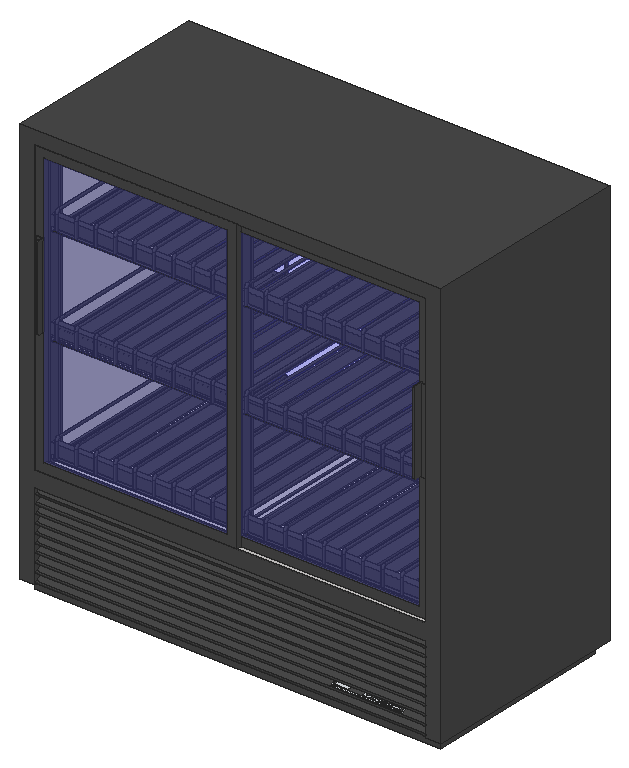
Revit family "QF_TRUE_GDM-41CPT-48-HC-LD", category Specialty Equipment, Revit 2016 (continued)
Definition of nested family "GDM-41CPT-48-HC-LD"
  Automatic sketch dimensions
    Extrusion 67 sketch curve to plane 6 "TOP" = 21.50088"
    Sweep 68 sketch curve to plane 5 "FRONT" = 1.21183"
    Sweep 68 sketch curve to plane 6 "TOP" = 19.75067"
    Sweep 69 sketch curve to plane 5 "FRONT" = 1.21183"
    Sweep 69 sketch curve to plane 6 "TOP" = 19.75067"
    Sweep 70 sketch curve to plane 5 "FRONT" = 1.21183"
    Sweep 70 sketch curve to plane 6 "TOP" = 19.75067"
    Sweep 71 sketch curve to plane 5 "FRONT" = 1.21183"
    Sweep 71 sketch curve to plane 6 "TOP" = 19.75067"
    Sweep 72 sketch curve to plane 5 "FRONT" = 1.21183"
    Sweep 72 sketch curve to plane 6 "TOP" = 19.75067"
    Sweep 73 sketch curve to plane 5 "FRONT" = 1.21183"
    Sweep 73 sketch curve to plane 6 "TOP" = 19.75067"
    Sweep 74 sketch curve to plane 5 "FRONT" = 1.21183"
    Sweep 74 sketch curve to plane 6 "TOP" = 19.75067"
    Sweep 75 sketch curve to plane 5 "FRONT" = 1.21183"
    Sweep 75 sketch curve to plane 6 "TOP" = 19.75067"
    Sweep 76 sketch curve to plane 5 "FRONT" = 1.21183"
    Sweep 76 sketch curve to plane 6 "TOP" = 19.75067"
    Sweep 77 sketch curve to plane 5 "FRONT" = 1.21183"
    Sweep 77 sketch curve to plane 6 "TOP" = 19.75067"
    Extrusion 78 sketch curve to plane 5 "FRONT" = 1.4225"
    Extrusion 78 sketch curve to plane 6 "TOP" = 20.31736"
    plane 7 "Center Y" to Sweep 52 sketch curve = 13/32"
    Sweep 52 sketch curve to plane 5 "FRONT" = 1.20926"
    Extrusion 53 sketch curve to plane 5 "FRONT" = 1.4225"
    Extrusion 53 sketch curve to plane 6 "TOP" = 21.25088"
    plane 7 "Center Y" to Extrusion 54 sketch curve = 1.16434"
    Extrusion 54 sketch curve to plane 6 "TOP" = 21.25088"
    Sweep 55 sketch curve to plane 5 "FRONT" = 1.21183"
    Sweep 55 sketch curve to plane 6 "TOP" = 19.50067"
    Sweep 56 sketch curve to plane 5 "FRONT" = 1.21183"
    Sweep 56 sketch curve to plane 6 "TOP" = 19.50067"
    Sweep 57 sketch curve to plane 5 "FRONT" = 1.21183"
    Sweep 57 sketch curve to plane 6 "TOP" = 19.50067"
    Sweep 58 sketch curve to plane 5 "FRONT" = 1.21183"
    Sweep 58 sketch curve to plane 6 "TOP" = 19.50067"
    Sweep 59 sketch curve to plane 5 "FRONT" = 1.21183"
    Sweep 59 sketch curve to plane 6 "TOP" = 19.50067"
    Sweep 60 sketch curve to plane 5 "FRONT" = 1.21183"
    Sweep 60 sketch curve to plane 6 "TOP" = 19.50067"
    Sweep 61 sketch curve to plane 5 "FRONT" = 1.21183"
    Sweep 61 sketch curve to plane 6 "TOP" = 19.50067"
    Sweep 62 sketch curve to plane 5 "FRONT" = 1.21183"
    Sweep 62 sketch curve to plane 6 "TOP" = 19.50067"
    Sweep 63 sketch curve to plane 5 "FRONT" = 1.21183"
    Sweep 63 sketch curve to plane 6 "TOP" = 19.50067"
    Sweep 64 sketch curve to plane 5 "FRONT" = 1.21183"
    Sweep 64 sketch curve to plane 6 "TOP" = 19.50067"
    Extrusion 79 sketch curve to plane 5 "FRONT" = 1.4225"
    Extrusion 79 sketch curve to plane 6 "TOP" = 20.06736"
    plane 3 "LEFT" to Sweep 37 sketch curve = 2 9/16"
    Sweep 37 sketch curve to plane 5 "FRONT" = 1.20926"
    Extrusion 38 sketch curve to plane 5 "FRONT" = 1.4225"
    plane 9 to Extrusion 38 sketch curve = 14.18662"
    plane 3 "LEFT" to Extrusion 39 sketch curve = 3.58566"
    plane 9 to Extrusion 39 sketch curve = 14.18662"
    Sweep 40 sketch curve to plane 5 "FRONT" = 1.21183"
    plane 9 to Sweep 40 sketch curve = 15.93683"
    Sweep 41 sketch curve to plane 5 "FRONT" = 1.21183"
    plane 9 to Sweep 41 sketch curve = 15.93683"
    Sweep 42 sketch curve to plane 5 "FRONT" = 1.21183"
    plane 9 to Sweep 42 sketch curve = 15.93683"
    Sweep 43 sketch curve to plane 5 "FRONT" = 1.21183"
    plane 9 to Sweep 43 sketch curve = 15.93683"
    Sweep 44 sketch curve to plane 5 "FRONT" = 1.21183"
    plane 9 to Sweep 44 sketch curve = 15.93683"
    Sweep 45 sketch curve to plane 5 "FRONT" = 1.21183"
    plane 9 to Sweep 45 sketch curve = 15.93683"
    Sweep 46 sketch curve to plane 5 "FRONT" = 1.21183"
    plane 9 to Sweep 46 sketch curve = 15.93683"
    Sweep 47 sketch curve to plane 5 "FRONT" = 1.21183"
    plane 9 to Sweep 47 sketch curve = 15.93683"
    Sweep 48 sketch curve to plane 5 "FRONT" = 1.21183"
    plane 9 to Sweep 48 sketch curve = 15.93683"
    Sweep 49 sketch curve to plane 5 "FRONT" = 1.21183"
    plane 9 to Sweep 49 sketch curve = 15.93683"
    Extrusion 50 sketch curve to plane 5 "FRONT" = 1.4225"
    plane 9 to Extrusion 50 sketch curve = 15.37014"
    plane 7 "Center Y" to Sweep 24 sketch curve = 13/32"
    Sweep 24 sketch curve to plane 5 "FRONT" = 1.20926"
    Extrusion 25 sketch curve to plane 5 "FRONT" = 1.4225"
    plane 9 to Extrusion 25 sketch curve = 14.18662"
    plane 7 "Center Y" to Extrusion 26 sketch curve = 1.16434"
    plane 9 to Extrusion 26 sketch curve = 14.18662"
    Sweep 27 sketch curve to plane 5 "FRONT" = 1.21183"
    plane 9 to Sweep 27 sketch curve = 15.93683"
    Sweep 28 sketch curve to plane 5 "FRONT" = 1.21183"
    plane 9 to Sweep 28 sketch curve = 15.93683"
    Sweep 29 sketch curve to plane 5 "FRONT" = 1.21183"
    plane 9 to Sweep 29 sketch curve = 15.93683"
    Sweep 30 sketch curve to plane 5 "FRONT" = 1.21183"
    plane 9 to Sweep 30 sketch curve = 15.93683"
    Sweep 31 sketch curve to plane 5 "FRONT" = 1.21183"
    plane 9 to Sweep 31 sketch curve = 15.93683"
    Sweep 32 sketch curve to plane 5 "FRONT" = 1.21183"
    plane 9 to Sweep 32 sketch curve = 15.93683"
    Sweep 33 sketch curve to plane 5 "FRONT" = 1.21183"
    plane 9 to Sweep 33 sketch curve = 15.93683"
    Sweep 34 sketch curve to plane 5 "FRONT" = 1.21183"
    plane 9 to Sweep 34 sketch curve = 15.93683"
    Sweep 35 sketch curve to plane 5 "FRONT" = 1.21183"
    plane 9 to Sweep 35 sketch curve = 15.93683"
    Sweep 36 sketch curve to plane 5 "FRONT" = 1.21183"
    plane 9 to Sweep 36 sketch curve = 15.93683"
    Extrusion 51 sketch curve to plane 5 "FRONT" = 1.4225"
    plane 9 to Extrusion 51 sketch curve = 15.37014"
    Extrusion 21 sketch curve to Extrusion 1 = 0"  (x2)
    Extrusion 21 sketch curve to Extrusion 1 = 0.28868"  (x2)
    Extrusion 1 to Extrusion 21 sketch curve = 0.06414"  (x2)
    Extrusion 21 sketch curve to Extrusion 1 = 0.51679"  (x2)
    Extrusion 21 sketch curve to Extrusion 21 sketch curve = 0.10825"  (x40)
    Extrusion 1 to Extrusion 21 sketch curve = 0.18914"  (x2)
    Extrusion 21 sketch curve to Extrusion 21 sketch curve = 0.71132"  (x18)
    Extrusion 21 sketch curve to Extrusion 21 sketch curve = 0.28868"  (x18)
    Extrusion 1 to Extrusion 21 sketch curve = 0.05879"  (x2)
    Extrusion 21 sketch curve to Extrusion 21 sketch curve = 0.78658"  (x2)
    Extrusion 1 to Extrusion 21 sketch curve = 0.18379"  (x2)
    Extrusion 1 to Extrusion 21 sketch curve = 0.95926"  (x12)
    Extrusion 1 to Extrusion 21 sketch curve = 0.06777"  (x2)
    Extrusion 21 sketch curve to Extrusion 21 sketch curve = 0.77831"  (x2)
    Extrusion 1 to Extrusion 21 sketch curve = 0.19277"  (x2)
    Extrusion 1 to Extrusion 21 sketch curve = 0.06676"  (x2)
    Extrusion 21 sketch curve to Extrusion 21 sketch curve = 0.78408"  (x2)
    Extrusion 1 to Extrusion 21 sketch curve = 0.19176"  (x2)
    Extrusion 1 to Extrusion 21 sketch curve = 0.06271"  (x2)
    Extrusion 21 sketch curve to Extrusion 21 sketch curve = 0.78583"  (x2)
    Extrusion 1 to Extrusion 21 sketch curve = 0.18771"  (x2)
    Extrusion 1 to Extrusion 21 sketch curve = 0.0594"  (x2)
    Extrusion 21 sketch curve to Extrusion 21 sketch curve = 0.78541"  (x2)
    Extrusion 1 to Extrusion 21 sketch curve = 0.1844"  (x2)
    Extrusion 1 to Extrusion 21 sketch curve = 0.06389"  (x2)
    Extrusion 21 sketch curve to Extrusion 21 sketch curve = 0.7809"  (x2)
    Extrusion 1 to Extrusion 21 sketch curve = 0.18889"  (x2)
    Extrusion 1 to Extrusion 21 sketch curve = 0.06125"  (x2)
    Extrusion 21 sketch curve to Extrusion 21 sketch curve = 0.78502"  (x2)
    Extrusion 1 to Extrusion 21 sketch curve = 0.18625"  (x2)
    Extrusion 1 to Extrusion 21 sketch curve = 0.06154"  (x2)
    Extrusion 21 sketch curve to Extrusion 21 sketch curve = 0.78333"  (x2)
    Extrusion 1 to Extrusion 21 sketch curve = 0.18654"  (x2)
    Extrusion 1 to Extrusion 21 sketch curve = 0.06281"  (x2)
    Extrusion 1 to Extrusion 21 sketch curve = 0.44304"  (x2)
    Extrusion 1 to Extrusion 21 sketch curve = 0.18781"  (x2)
    Extrusion 21 sketch curve to Extrusion 21 sketch curve = 0.77271"
    Extrusion 21 sketch curve to Extrusion 21 sketch curve = 0.77011"
    Extrusion 21 sketch curve to Extrusion 21 sketch curve = 0"  (x5)
    Extrusion 21 sketch curve to Extrusion 21 sketch curve = 0.77145"
    radius of Sweep 24 sketch curve = 1/8"
    radius of Sweep 27 sketch curve = 1/8"
    radius of Sweep 28 sketch curve = 1/8"
    radius of Sweep 29 sketch curve = 1/8"
    radius of Sweep 30 sketch curve = 1/8"
    radius of Sweep 31 sketch curve = 1/8"
    radius of Sweep 32 sketch curve = 1/8"
    radius of Sweep 33 sketch curve = 1/8"
    radius of Sweep 34 sketch curve = 1/8"
    radius of Sweep 35 sketch curve = 1/8"
    radius of Sweep 36 sketch curve = 1/8"
    radius of Sweep 37 sketch curve = 1/8"
    radius of Sweep 40 sketch curve = 1/8"
    radius of Sweep 41 sketch curve = 1/8"
    radius of Sweep 42 sketch curve = 1/8"
    radius of Sweep 43 sketch curve = 1/8"
    radius of Sweep 44 sketch curve = 1/8"
    radius of Sweep 45 sketch curve = 1/8"
    radius of Sweep 46 sketch curve = 1/8"
    radius of Sweep 47 sketch curve = 1/8"
    radius of Sweep 48 sketch curve = 1/8"
    radius of Sweep 49 sketch curve = 1/8"
    radius of Sweep 52 sketch curve = 1/8"
    radius of Sweep 55 sketch curve = 1/8"
    radius of Sweep 56 sketch curve = 1/8"
    radius of Sweep 57 sketch curve = 1/8"
    radius of Sweep 58 sketch curve = 1/8"
    radius of Sweep 59 sketch curve = 1/8"
    radius of Sweep 60 sketch curve = 1/8"
    radius of Sweep 61 sketch curve = 1/8"
    radius of Sweep 62 sketch curve = 1/8"
    radius of Sweep 63 sketch curve = 1/8"
    radius of Sweep 64 sketch curve = 1/8"
    radius of Sweep 65 sketch curve = 1/8"
    radius of Sweep 68 sketch curve = 1/8"
    radius of Sweep 69 sketch curve = 1/8"
    radius of Sweep 70 sketch curve = 1/8"
    radius of Sweep 71 sketch curve = 1/8"
    radius of Sweep 72 sketch curve = 1/8"
    radius of Sweep 73 sketch curve = 1/8"
    radius of Sweep 74 sketch curve = 1/8"
    radius of Sweep 75 sketch curve = 1/8"
    radius of Sweep 76 sketch curve = 1/8"
    radius of Sweep 77 sketch curve = 1/8"
    radius of Sweep 80 sketch curve = 1/8"
    radius of Sweep 83 sketch curve = 1/8"
    radius of Sweep 84 sketch curve = 1/8"
    radius of Sweep 85 sketch curve = 1/8"
    radius of Sweep 86 sketch curve = 1/8"
    radius of Sweep 87 sketch curve = 1/8"
    radius of Sweep 88 sketch curve = 1/8"
    radius of Sweep 89 sketch curve = 1/8"
    radius of Sweep 90 sketch curve = 1/8"
    radius of Sweep 91 sketch curve = 1/8"
    radius of Sweep 92 sketch curve = 1/8"
    radius of Sweep 93 sketch curve = 1/8"
    radius of Sweep 96 sketch curve = 1/8"
    radius of Sweep 97 sketch curve = 1/8"
    radius of Sweep 98 sketch curve = 1/8"
    radius of Sweep 99 sketch curve = 1/8"
    radius of Sweep 100 sketch curve = 1/8"
    radius of Sweep 101 sketch curve = 1/8"
    radius of Sweep 102 sketch curve = 1/8"
    radius of Sweep 103 sketch curve = 1/8"
    radius of Sweep 104 sketch curve = 1/8"
    radius of Sweep 105 sketch curve = 1/8"
    radius of Extrusion 108 sketch curve = 1/2"
  Nested families (in)
    nested 1: "QF_LOGO_TRUE" at (35.375, -23.93107, 2.98266), Show Logo <- "Show Logo", type "QF_LOGO_TRUE", detail levels medium+fine
      with Show Logo yes
  Connectors (in)
    electrical at (24, -12.03125, 0.39616), driven by "Volts", driven by "Watts"
      settings: on Extrusion 108, index 1, voltage 115 V, apparent load 230 VA, apparent load phase1 0 VA, apparent load phase2 0 VA, apparent load phase3 0 VA, power factor 1, load classification none, number of poles 1, system type 30, power factor state 1, is connector primary yes, connector utility no, sub classification motor no, connector description "ELECTRICAL CONNECTION"
  Definition of nested family "QF_LOGO_TRUE"
    Parameters (values of type "QF_LOGO_TRUE")
      Show Logo [instance] = yes
    Reference planes (in)
      plane 1 "Center (Front/Back)": y = 0
      plane 2: z = 0
      plane 3 "Center (Left/Right)": x = 0
    Forms (in)
      Extrusion 1, solid, visible <- "Show Logo"
        sketch origin (-78.34647, -4.42964, -46.04482) x (1, 0, 0) y (0, 0.81135, 0.584561)
          loop
            line (81.15226, 31.65456) -> (81.07353, 31.48573) -> (82.12083, 31.48573)
            arc (82.12083, 31.48573) -> (82.14208, 31.44814) -> (82.12083, 31.41055) r 0.04386
            line (82.12083, 31.41055) -> (81.84767, 30.82478)
            arc (81.84767, 30.82478) -> (81.84531, 30.77052) -> (81.882, 30.73048) r 0.07096
            line (81.882, 30.73048) -> (82.55165, 30.73048)
            arc (82.55165, 30.73048) -> (82.63621, 30.75714) -> (82.69019, 30.82748) r 0.14742
            line (82.69019, 30.82748) -> (82.90515, 31.28847) -> (83.10265, 31.28847)
            arc (83.10265, 31.28847) -> (83.15447, 31.26942) -> (83.14697, 31.21472) r 0.04405
            line (83.14697, 31.21472) -> (82.9671, 30.82899)
            arc (82.9671, 30.82899) -> (82.9699, 30.76493) -> (83.02398, 30.73048) r 0.06943
            line (83.02398, 30.73048) -> (83.6124, 30.73048)
            arc (83.6124, 30.73048) -> (83.65748, 30.74689) -> (83.68147, 30.78844) r 0.07014
            arc (83.68147, 30.78844) -> (83.69845, 30.74745) -> (83.73943, 30.73048) r 0.05796
            line (83.73943, 30.73048) -> (84.112, 30.73048)
            arc (84.112, 30.73048) -> (84.15504, 30.74201) -> (84.18655, 30.77352) r 0.08608
            arc (84.18655, 30.77352) -> (84.20164, 30.7371) -> (84.23806, 30.72202) r 0.0515
            line (84.23806, 30.72202) -> (84.76757, 30.72202)
            arc (84.76757, 30.72202) -> (84.81086, 30.73995) -> (84.8288, 30.78324) r 0.06122
            arc (84.8288, 30.78324) -> (84.86848, 30.74355) -> (84.92269, 30.72903) r 0.10842
            line (84.92269, 30.72903) -> (85.91461, 30.72903) -> (86.02479, 30.91987) -> (85.0243, 30.91987)
            arc (85.0243, 30.91987) -> (84.99669, 30.93902) -> (84.99566, 30.97261) r 0.03732
            line (84.99566, 30.97261) -> (85.01297, 31.00972)
            arc (85.01297, 31.00972) -> (85.03954, 31.04453) -> (85.0813, 31.05774) r 0.07263
            line (85.0813, 31.05774) -> (85.40289, 31.05774)
            arc (85.40289, 31.05774) -> (85.4723, 31.07633) -> (85.52311, 31.12715) r 0.13882
            line (85.52311, 31.12715) -> (85.61625, 31.28847)
            arc (85.61625, 31.28847) -> (85.61625, 31.37458) -> (85.54168, 31.41763) r 0.08611
            line (85.54168, 31.41763) -> (85.20227, 31.41763)
            arc (85.20227, 31.41763) -> (85.11574, 31.40294) -> (85.05538, 31.33923) r 0.13863
            line (85.05538, 31.33923) -> (84.89409, 30.99333)
            arc (84.89409, 30.99333) -> (84.84649, 30.9313) -> (84.77191, 30.90778) r 0.13002
            line (84.77191, 30.90778) -> (84.41984, 30.90778)
            arc (84.41984, 30.90778) -> (84.3777, 30.95378) -> (84.38042, 31.0161) r 0.08151
            line (84.38042, 31.0161) -> (84.56766, 31.41763) -> (84.44849, 31.41763) -> (84.25012, 30.99222)
            arc (84.25012, 30.99222) -> (84.21158, 30.94199) -> (84.15119, 30.92296) r 0.10527
            line (84.15119, 30.92296) -> (83.90842, 30.92296)
            arc (83.90842, 30.92296) -> (83.8674, 30.97642) -> (83.87619, 31.04323) r 0.08805
            line (83.87619, 31.04323) -> (84.05078, 31.41763) -> (83.92772, 31.41763) -> (83.72676, 30.98668)
            arc (83.72676, 30.98668) -> (83.68011, 30.94003) -> (83.61639, 30.92296) r 0.12745
            line (83.61639, 30.92296) -> (83.26484, 30.92296)
            arc (83.26484, 30.92296) -> (83.2017, 30.9524) -> (83.19563, 31.0218) r 0.06967
            line (83.19563, 31.0218) -> (83.31118, 31.26961) -> (83.47452, 31.26961)
            arc (83.47452, 31.26961) -> (83.50209, 31.35268) -> (83.56075, 31.41763) r 0.21289
            line (83.56075, 31.41763) -> (82.92244, 31.41763)
            arc (82.92244, 31.41763) -> (82.85151, 31.40191) -> (82.80242, 31.34834) r 0.12081
            line (82.80242, 31.34834) -> (82.6294, 30.9773)
            arc (82.6294, 30.9773) -> (82.58962, 30.93752) -> (82.53528, 30.92296) r 0.10869
            line (82.53528, 30.92296) -> (82.1542, 30.92296)
            arc (82.1542, 30.92296) -> (82.12446, 30.96315) -> (82.13012, 31.01283) r 0.06822
            line (82.13012, 31.01283) -> (82.38156, 31.48573) -> (83.01596, 31.48573) -> (83.09469, 31.65456) -> (82.46029, 31.65456) -> (82.53902, 31.8234) -> (82.31334, 31.8234) -> (82.23461, 31.65456) -> (81.15226, 31.65456)
          loop
            arc (85.15937, 31.26434) -> (85.13191, 31.25698) -> (85.1118, 31.23688) r 0.05494
            line (85.1118, 31.23688) -> (85.09547, 31.18665)
            arc (85.09547, 31.18665) -> (85.10304, 31.16837) -> (85.12133, 31.16079) r 0.02586
            line (85.12133, 31.16079) -> (85.39889, 31.16079)
            arc (85.39889, 31.16079) -> (85.41888, 31.16523) -> (85.43513, 31.1777) r 0.04731
            line (85.43513, 31.1777) -> (85.44863, 31.2402)
            arc (85.44863, 31.2402) -> (85.44466, 31.25693) -> (85.42914, 31.26434) r 0.01994
            line (85.42914, 31.26434) -> (85.15937, 31.26434)
          loop
            line (78.62961, 30.74125) -> (80.12032, 30.74125) -> (80.73891, 31.81268) -> (79.2482, 31.81268) -> (78.62961, 30.74125)
        from 34.76797 to 34.83173
      Extrusion 2, solid, visible <- "Show Logo"
        sketch origin (-142.84857, -6.74811, -47.69308) x (1, 0, 0) y (0, 0.81135, 0.584561)
          loop
            line (150.81107, 34.71978) -> (142.98607, 34.71978) -> (142.98607, 33.4921) -> (150.81107, 33.4921) -> (150.81107, 34.71978)
        from 34.75108 to 34.78125
      Extrusion 3, solid, visible <- "Show Logo"
        sketch origin (-142.84857, -6.74811, -47.69308) x (1, 0, 0) y (0, 0.81135, 0.584561)
          loop
            line (150.94857, 34.85727) -> (142.84857, 34.85727) -> (142.84857, 33.3546) -> (150.94857, 33.3546) -> (150.94857, 34.85727)
          loop
            line (142.98607, 34.71978) -> (142.98607, 33.4921) -> (150.81107, 33.4921) -> (150.81107, 34.71978) -> (142.98607, 34.71978)
        from 34.75108 to 34.81376
    Dimensions and locks (in)
      aligned and locked: level to plane 2
      aligned and locked: Extrusion 2 to Extrusion 3  (x2)
      aligned and locked: Extrusion 2 sketch curve to Extrusion 3
Definition of nested family "CASTER-LEGS"
  Parameters (values of type "CASTER-LEGS")
    Weight = ""
    URL Manufacturer = ""
    URL Cutsheet = ""
    URL = ""
    Type Mark [instance] = ""
    Status [instance] = ""
    Specification by User [instance] = ""
    Specification by Manufacturer = ""
    Show Siesmic Flanged [instance] = yes
    Show 6 Inches Legs [instance] = yes
    Show 4" Casters [instance] = yes
    Show 2.5 Casters [instance] = yes
    Serial Number = ""
    Seismic Rating = ""
    SMACNA No = ""
    Revision Code [instance] = ""
    Omniclass Number and Title = ""
    NAFEM Spec ID Number = ""
    Model = ""
    MasterSpec. = ""
    Manufacturer = ""
    Low Profile [instance] = yes
    Item Number [instance] = ""
    Installed By [instance] = ""
    Identify Quantity as Lot [instance] = yes
    Furnished By [instance] = ""
    Foodservice Equipment Identifier [instance] = yes
    Description = ""
    CSI MasterFormat = ""
    CSI Master Format = ""
    Assembly Code = ""
  Reference planes (in)
    plane 1: z = 0
    plane 2 "RIGHT": x = 0
    plane 3 "FRONT": y = 0
    plane 4 "TOP": z = 6
    plane 5: z = 2.125
    plane 6: z = 2.5
    plane 7: z = 6.25
  Forms (in)
    Revolve 1, solid, visible <- "Show 6 Inches Legs"
      sketch origin (11.12172, 0, 0) x (-1, 0, 0) y (0, 0, -1)
        loop
          line (11.12172, -6) -> (11.12172, 0) -> (10.62172, 0) -> (10.62172, -1.30261) -> (10.37172, -1.30261) -> (10.37172, -6) -> (11.12172, -6)
        axis (11.12172, 0) -> (11.12172, -6)
      angle from 0 to 360
    Extrusion 2, solid, visible <- "Show Siesmic Flanged"
      sketch origin (0, 0, 0) x (1, 0, 0) y (0, 1, 0)
        loop
          circle (-0.00825, 0) r 1
      from 0 to 0.125
    Revolve 3, solid, visible <- "Show Siesmic Flanged"
      sketch origin (11.12172, 0, 0) x (-1, 0, 0) y (0, 0, -1)
        loop
          line (11.12172, -6) -> (11.12172, -0.125) -> (10.62172, -0.125) -> (10.62172, -1.30261) -> (10.37172, -1.30261) -> (10.37172, -6) -> (11.12172, -6)
        axis (11.12172, -0.125) -> (11.12172, -6)
      angle from 0 to 360
  Dimensions and locks (in)
    plane 4 "TOP" to level = 6"  (x2)
    locked: Revolve 1 sketch curve to Revolve 1 sketch curve at 1.30261
    locked: Revolve 1 sketch curve to Revolve 1 sketch curve at 0.75
    plane 6 to plane 1 = 2 1/2"
    plane 5 to plane 1 = 2 1/8"
    plane 7 to plane 1 = 6 1/4"
    locked: Revolve 3 sketch curve to Revolve 3 sketch curve at 0.75
    aligned and locked: level to plane 1
  Nested families (in)
    nested 1: "C4" at (0, 0, 0), Show 4 Inches Casters <- "Show 4" Casters", visible <- "Show 4" Casters", type "C4"
      with Type Mark "", Specification by User "", Show 4 Inches Casters yes, Revision Code "", Item Number "", Installed By "", Identify Quantity as Lot yes, Furnished By "", Foodservice Equipment Identifier yes
    nested 2: "C2.5" at (0, -0.86941, 0), 2.5 Inches Caster <- "Show 2.5 Casters", visible <- "Show 2.5 Casters", type "C2.5"
      with Type Mark "", Status "", Specification by User "", Revision Code "", Item Number "", Installed By "", Identify Quantity as Lot yes, Furnished By "", Foodservice Equipment Identifier yes, 2.5 Inches Caster yes
  Definition of nested family "C4"
    Parameters
      Weight = ""
      URL Manufacturer = ""
      URL Cutsheet = ""
      URL = ""
      Type Mark [instance] = ""
      Specification by User [instance] = ""
      Specification by Manufacturer = ""
      Show 4 Inches Casters [instance] = yes
      Serial Number = ""
      Seismic Rating = ""
      SMACNA No = ""
      Revision Code [instance] = ""
      Omniclass Number and Title = ""
      NAFEM Spec ID Number = ""
      Model = ""
      MasterSpec. = ""
      Manufacturer = ""
      Item Number [instance] = ""
      Installed By [instance] = ""
      Identify Quantity as Lot [instance] = yes
      Furnished By [instance] = ""
      Foodservice Equipment Identifier [instance] = yes
      Description = ""
      CSI MasterFormat = ""
      CSI Master Format = ""
      Assembly Code = ""
    Reference planes (in)
      plane 1: z = 0
      plane 2 "RIGHT": x = 0
      plane 3 "FRONT": y = 0
      plane 4 "TOP": z = 4
    Forms (in)
      Revolve 1, solid, visible <- "Show 4 Inches Casters"
        sketch origin (-1.93794, 0.83816, -1.0041) x (1, 0, 0) y (0, 0, 1)
          loop
            line (0.74055, 2.5041) -> (3.15007, 2.5041) -> (3.15007, 2.5796) -> (3.10007, 2.6296) -> (3.04007, 2.6296) -> (3.04007, 2.74967) -> (2.62438, 2.74967) -> (2.62438, 2.93884) -> (2.48438, 3.01967) -> (2.45908, 3.17597) -> (2.51563, 3.17597) -> (2.51563, 3.41035) -> (2.48438, 3.41035) -> (2.48438, 4.0041) -> (1.375, 4.0041) -> (1.375, 3.41035) -> (1.34375, 3.41035) -> (1.34375, 3.17597) -> (1.4003, 3.17597) -> (1.37557, 3.02318) -> (1.235, 2.94202) -> (1.235, 2.74967) -> (0.85055, 2.74967) -> (0.85055, 2.6296) -> (0.79055, 2.6296) -> (0.74055, 2.5796) -> (0.74055, 2.5041)
          axis (0.74055, 2.5041) -> (3.15007, 2.5041)
        angle from 0 to 360
      Extrusion 2, solid, visible <- "Show 4 Inches Casters"
        sketch origin (-1.93794, 1.80294, -1.7541) x (0, 1, 0) y (0, 0, 1)
          loop
            line (-3.08794, 5.33423) -> (-3.08794, 5.00584) -> (-2.69466, 5.00584)
            arc (-2.69466, 5.00584) -> (-1.57175, 4.94895) -> (-0.46376, 4.75787) r 9.36411
            arc (-0.46376, 4.75787) -> (-0.05889, 4.58436) -> (0.28335, 4.30705) r 1.60049
            line (0.28335, 4.30705) -> (0.34449, 4.39437)
            arc (0.34449, 4.39437) -> (0.12713, 4.6163) -> (-0.1239, 4.79931) r 1.8753
            line (-0.1239, 4.79931) -> (-0.05749, 4.91421)
            arc (-0.05749, 4.91421) -> (-0.33807, 5.05694) -> (-0.64294, 5.13542) r 1.44292
            line (-0.64294, 5.13542) -> (-0.64294, 5.33423) -> (-3.08794, 5.33423)
        from 1.1267 to 2.74918
      Revolve 3, solid, visible <- "Show 4 Inches Casters"
        sketch origin (0, 2.15543, -2.25) x (0, 1, 0) y (0, 0, 1)
          loop
            line (-2.21793, 6.25) -> (-2.21793, 5.83014) -> (-1.05793, 5.83014) -> (-1.05793, 6.25) -> (-2.21793, 6.25)
          axis (-2.21793, 5.83014) -> (-2.21793, 6.25)
        angle from 0 to 360
      Extrusion 4, solid, visible <- "Show 4 Inches Casters"
        sketch origin (-1.93794, 1.80294, -1.7541) x (0, 1, 0) y (0, 0, 1)
          loop
            line (-3.08794, 5.33423) -> (-3.08794, 5.00584) -> (-2.8913, 5.00584)
            arc (-2.8913, 5.00584) -> (-2.09118, 4.14057) -> (-1.45681, 3.14736) r 6.63355
            arc (-1.45681, 3.14736) -> (-0.85703, 2.75969) -> (-0.4561, 3.35069) r 0.5107
            arc (-0.4561, 3.35069) -> (-0.27092, 3.92503) -> (0.24034, 4.24562) r 0.88136
            line (0.24034, 4.24562) -> (0.34449, 4.39437)
            arc (0.34449, 4.39437) -> (0.12713, 4.6163) -> (-0.1239, 4.79931) r 1.8753
            line (-0.1239, 4.79931) -> (-0.05749, 4.91421)
            arc (-0.05749, 4.91421) -> (-0.33807, 5.05694) -> (-0.64294, 5.13542) r 1.44292
            line (-0.64294, 5.13542) -> (-0.64294, 5.33423) -> (-3.08794, 5.33423)
        from 2.74918 to 2.90825
      Extrusion 5, solid, visible <- "Show 4 Inches Casters"
        sketch origin (1.93794, 1.80294, -1.7541) x (0, 1, 0) y (0, 0, -1)
          loop
            line (-3.08794, -5.33423) -> (-0.64294, -5.33423) -> (-0.64294, -5.13542)
            arc (-0.64294, -5.13542) -> (-0.33807, -5.05694) -> (-0.05749, -4.91421) r 1.44292
            line (-0.05749, -4.91421) -> (-0.1239, -4.79931)
            arc (-0.1239, -4.79931) -> (0.12713, -4.6163) -> (0.34449, -4.39437) r 1.8753
            line (0.34449, -4.39437) -> (0.24034, -4.24562)
            arc (0.24034, -4.24562) -> (-0.27092, -3.92503) -> (-0.4561, -3.35069) r 0.88136
            arc (-0.4561, -3.35069) -> (-0.85703, -2.75969) -> (-1.45681, -3.14736) r 0.5107
            arc (-1.45681, -3.14736) -> (-2.09118, -4.14057) -> (-2.8913, -5.00584) r 6.63355
            line (-2.8913, -5.00584) -> (-3.08794, -5.00584) -> (-3.08794, -5.33423)
        from 2.74918 to 2.90825
    Cuts and joins
      joined: Extrusion 2, Extrusion 4, Extrusion 5
    Lines and regions (in)
      symbolic lines, visible <- "Show 4 Inches Casters"
        curve 1: line (0.28481, 1.83041, 0) -> (1.24556, 1.27572, 0)
        curve 2: line (-1.26206, -0.84886, 0) -> (0.28481, 1.83041, 0)
        curve 3: line (-0.30132, -1.40355, 0) -> (-1.26206, -0.84886, 0)
        curve 4: line (1.24556, 1.27572, 0) -> (-0.30132, -1.40355, 0)
    Dimensions and locks (in)
      plane 4 "TOP" to level = 4"  (x2)
      aligned and locked: level to plane 1
  Definition of nested family "C2.5"
    Parameters
      Weight = ""
      URL Manufacturer = ""
      URL Cutsheet = ""
      URL = ""
      Type Mark [instance] = ""
      Status [instance] = ""
      Specification by User [instance] = ""
      Specification by Manufacturer = ""
      Serial Number = ""
      Seismic Rating = ""
      SMACNA No = ""
      Revision Code [instance] = ""
      Omniclass Number and Title = ""
      NAFEM Spec ID Number = ""
      Model = ""
      MasterSpec. = ""
      Manufacturer = ""
      Item Number [instance] = ""
      Installed By [instance] = ""
      Identify Quantity as Lot [instance] = yes
      Furnished By [instance] = ""
      Foodservice Equipment Identifier [instance] = yes
      Description = ""
      CSI MasterFormat = ""
      CSI Master Format = ""
      Assembly Code = ""
      2.5 Inches Caster [instance] = yes
    Reference planes (in)
      plane 1: z = 0
      plane 2 "RIGHT": x = 0
      plane 3 "FRONT": y = 0
      plane 4 "TOP": z = 2.5
    Forms (in)
      Revolve 1, solid, visible <- "2.5 Inches Caster"
        sketch origin (-1.93794, 0.83816, -1.0041) x (1, 0, 0) y (0, 0, 1)
          loop
            line (0.74055, 1.92597) -> (0.74055, 1.85047) -> (0.79055, 1.80047) -> (0.85055, 1.80047) -> (0.85055, 1.6804) -> (1.235, 1.6804) -> (1.235, 1.61305) -> (1.38673, 1.52545) -> (1.4003, 1.4416) -> (1.34375, 1.4416) -> (1.34375, 1.3166) -> (1.375, 1.3166) -> (1.375, 1.0041) -> (2.48438, 1.0041) -> (2.48438, 1.3166) -> (2.51563, 1.3166) -> (2.51563, 1.4416) -> (2.45908, 1.4416) -> (2.47322, 1.52897) -> (2.62438, 1.61624) -> (2.62438, 1.6804) -> (3.04007, 1.6804) -> (3.04007, 1.80047) -> (3.10007, 1.80047) -> (3.15007, 1.85047) -> (3.15007, 1.92597) -> (0.74055, 1.92597)
          axis (0.74055, 1.92597) -> (3.15007, 1.92597)
        angle from 0 to 360
      Extrusion 2, solid, visible <- "2.5 Inches Caster"
        sketch origin (-1.93794, 1.80294, -3.2541) x (0, 1, 0) y (0, 0, 1)
          loop
            line (-0.64294, 5.43229) -> (-0.64294, 5.55298) -> (-2.21294, 5.55298) -> (-2.21294, 5.30272) -> (-1.81966, 5.30272)
            arc (-1.81966, 5.30272) -> (-1.13638, 5.20789) -> (-0.46376, 5.05475) r 8.02767
            arc (-0.46376, 5.05475) -> (-0.19511, 4.95469) -> (0.05138, 4.80832) r 1.60049
            line (0.05138, 4.80832) -> (0.12713, 4.91318)
            arc (0.12713, 4.91318) -> (-0.07255, 5.06376) -> (-0.29048, 5.18644) r 1.8753
            line (-0.29048, 5.18644) -> (-0.22239, 5.30423)
            arc (-0.22239, 5.30423) -> (-0.42776, 5.38437) -> (-0.64294, 5.43229) r 1.44292
        from 1.17357 to 2.70231
      Revolve 3, solid, visible <- "2.5 Inches Caster"
        sketch origin (0, 2.10856, -3.75) x (0, 1, 0) y (0, 0, 1)
          loop
            line (-1.73858, 6.25) -> (-1.73858, 6.04889) -> (-1.05793, 6.04889) -> (-1.05793, 6.25) -> (-1.73858, 6.25)
          axis (-1.73858, 6.04889) -> (-1.73858, 6.25)
        angle from 0 to 360
      Extrusion 4, solid, visible <- "2.5 Inches Caster"
        sketch origin (-1.98481, 1.80294, -1.7541) x (0, 1, 0) y (0, 0, 1)
          loop
            line (-2.21294, 4.05298) -> (-2.21294, 3.80272) -> (-2.13999, 3.80272)
            arc (-2.13999, 3.80272) -> (-1.62379, 3.51899) -> (-1.39241, 2.97729) r 0.90292
            arc (-1.39241, 2.97729) -> (-1.36136, 2.78161) -> (-1.29729, 2.59413) r 1.15385
            arc (-1.29729, 2.59413) -> (-0.94802, 2.37355) -> (-0.6121, 2.61396) r 0.37001
            arc (-0.6121, 2.61396) -> (-0.59625, 2.66241) -> (-0.58446, 2.712) r 0.61695
            arc (-0.58446, 2.712) -> (-0.36134, 3.11665) -> (0.05609, 3.31484) r 0.75313
            line (0.05609, 3.31484) -> (0.12713, 3.41318)
            arc (0.12713, 3.41318) -> (-0.07255, 3.56376) -> (-0.29048, 3.68644) r 1.8753
            line (-0.29048, 3.68644) -> (-0.22239, 3.80423)
            arc (-0.22239, 3.80423) -> (-0.42776, 3.88437) -> (-0.64294, 3.93229) r 1.44292
            line (-0.64294, 3.93229) -> (-0.64294, 4.05298) -> (-2.21294, 4.05298)
        from 2.74918 to 2.90825
      Extrusion 5, solid, visible <- "2.5 Inches Caster"
        sketch origin (1.98481, 1.80294, -1.7541) x (0, 1, 0) y (0, 0, -1)
          loop
            line (-2.21294, -4.05298) -> (-0.64294, -4.05298) -> (-0.64294, -3.93229)
            arc (-0.64294, -3.93229) -> (-0.42776, -3.88437) -> (-0.22239, -3.80423) r 1.44292
            line (-0.22239, -3.80423) -> (-0.29048, -3.68644)
            arc (-0.29048, -3.68644) -> (-0.07255, -3.56376) -> (0.12713, -3.41318) r 1.8753
            line (0.12713, -3.41318) -> (0.05609, -3.31484)
            arc (0.05609, -3.31484) -> (-0.36134, -3.11665) -> (-0.58446, -2.712) r 0.75313
            arc (-0.58446, -2.712) -> (-0.59625, -2.66241) -> (-0.6121, -2.61396) r 0.61695
            arc (-0.6121, -2.61396) -> (-0.94802, -2.37355) -> (-1.29729, -2.59413) r 0.37001
            arc (-1.29729, -2.59413) -> (-1.36136, -2.78161) -> (-1.39241, -2.97729) r 1.15385
            arc (-1.39241, -2.97729) -> (-1.62379, -3.51899) -> (-2.13999, -3.80272) r 0.90292
            line (-2.13999, -3.80272) -> (-2.21294, -3.80272) -> (-2.21294, -4.05298)
        from 2.74918 to 2.90825
    Lines and regions (in)
      symbolic lines, visible <- "2.5 Inches Caster"
        curve 1: line (0.10651, 1.96132, 0) -> (0.80944, 1.55548, 0)
        curve 2: line (-0.89349, 0.22927, 0) -> (0.10651, 1.96132, 0)
        curve 3: line (-0.19056, -0.17657, 0) -> (-0.89349, 0.22927, 0)
        curve 4: line (0.80944, 1.55548, 0) -> (-0.19056, -0.17657, 0)
    Dimensions and locks (in)
      plane 4 "TOP" to level = 2 1/2"  (x2)
      aligned and locked: level to plane 1
